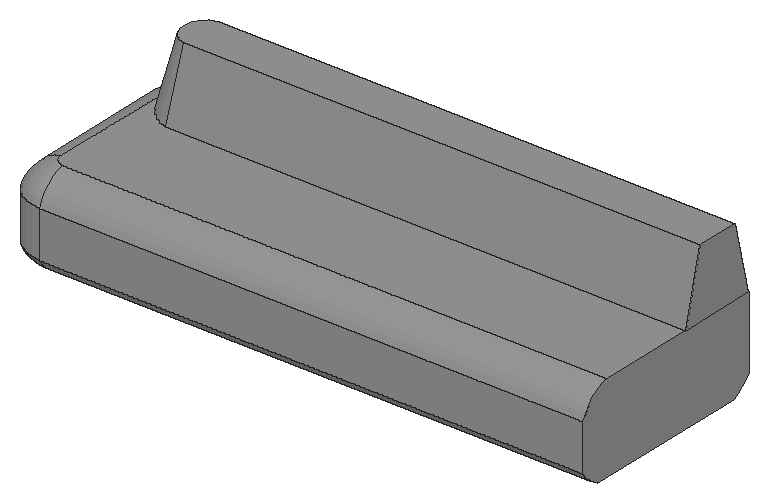
Revit family "_Casino_3-Seat_LHF", category Furniture, Revit 2013
Parameters (values of type "Casino 3 Seat LHF")
  Model = "Casino"
  Length = 8' - 4 1/2"
  Description = "Seating"
  Width = 1' - 0 1/4"
  URL = "http://bernhardtdesign.com/"
  Product Page URL = "http://www.bernhardtdesign.com/products/casino/index.html"
  Product Name = "Casino"
  Product Documentation Link = "http://www.bernhardtdesign.com/pdf/pricelists/sofas/Casino_PL.pdf"
  Manufacturer = "Bernhardt "  # constant formula
  Level Certification = ""
  Height = 2' - 4 1/4"
  GreenGuard Certification = ""
  Bernhardt Fabric = Fabric-Bernhardt-White
Reference planes (in)
  plane 1 "Center (Front/Back)": y = 0
  plane 2 "Bottom": z = 0
  plane 3 "Center (Left/Right)": x = 25.9341
  plane 4 "bottom": z = 1.16279
  plane 5 "base of back cushion": z = 16.29409
  plane 6: x = 126.4341
  plane 7 "top": z = 28.14339
  plane 8: y = 18.17146
  plane 9: y = -17.31987
  plane 10: y = 12.28146
  plane 11: y = -11.42987
Forms (in)
  Extrusion 1, solid, material "Fabric-Bernhardt-White"
    sketch origin (46.7152, 0, 0) x (-1, 0, 0) y (0, -1, 0)
      loop
        line (-79.7189, -18.17146) -> (10.80455, -18.17146)
        arc (10.80455, -18.17146) -> (17.87562, -15.24253) -> (20.80455, -8.17146) r 10
        line (20.80455, -8.17146) -> (20.80455, 10.31987)
        arc (20.80455, 10.31987) -> (18.7543, 15.26962) -> (13.80455, 17.31987) r 7
        line (13.80455, 17.31987) -> (-79.7189, 17.31987) -> (-79.7189, -18.17146)
    from 1.16279 to 16.29409
  Sweep 2, void
    path in 3D
      loop
        line (126.4341, 18.17146, 1.16279) -> (35.91065, 18.17146, 1.16279)
        arc (35.91065, 18.17146, 1.16279) -> (28.83958, 15.24253, 1.16279) -> (25.91065, 8.17146, 1.16279) r 10
        line (25.91065, 8.17146, 1.16279) -> (25.91065, -10.31987, 1.16279)
        arc (25.91065, -10.31987, 1.16279) -> (27.9609, -15.26962, 1.16279) -> (32.91065, -17.31987, 1.16279) r 7
        line (32.91065, -17.31987, 1.16279) -> (126.4341, -17.31987, 1.16279)
    profile origin (79.67237, -17.31987, 1.16279) x (0, -1, 0) y (0, 0, -1)
      loop
        line (0.04047, -2.82561) -> (2.00695, -2.82561) -> (2.00695, 1.67439) -> (-3.74305, 1.67439) -> (-3.74305, 0.17439)
        arc (-3.74305, 0.17439) -> (-1.53462, -0.92623) -> (0.04047, -2.82561) r 5.97274
  Sweep 3, void
    path in 3D
      loop
        line (126.4341, -17.31987, 16.29409) -> (32.91065, -17.31987, 16.29409)
        arc (32.91065, -17.31987, 16.29409) -> (27.9609, -15.26962, 16.29409) -> (25.91065, -10.31987, 16.29409) r 7
        line (25.91065, -10.31987, 16.29409) -> (25.91065, 20.68013, 16.29409)
    profile origin (79.67237, -17.31987, 16.29409) x (0, -1, 0) y (0, 0, 1)
      loop
        arc (-5.06987, 0) -> (-1.92508, -1.50203) -> (0, -4.40717) r 6.533
        line (0, -4.40717) -> (2.5, -4.40717) -> (2.5, 0.9602) -> (-5.06987, 0)
  Extrusion 4, solid, material "Plastic, Opaque Black"
    sketch origin (49.32487, 2.23669, 0) x (1, 0, 0) y (0, 1, 0)
      loop
        circle (-13.65846, -11.94587) r 1.75
    from 0 to 1.16279
  SweptBlend 5, solid, material "Fabric-Bernhardt-White"
    path in 3D
      loop
        line (46.7152, 11.41343, 28.14339) -> (46.7152, 11.41343, 16.29409)
    profile origin (46.7152, 11.41343, 28.14339) x (-1, 0, 0) y (0, -1, 0)
      loop
        line (-79.7189, 3.75803) -> (-79.7189, -3.75803) -> (8.93633, -3.75803)
        arc (8.93633, -3.75803) -> (12.00445, 0) -> (8.93633, 3.75803) r 3.8356
        line (8.93633, 3.75803) -> (-79.7189, 3.75803)
    end profile origin (46.7152, 11.41343, 16.29409) x (-1, 0, 0) y (0, -1, 0)
      loop
        line (-79.7189, 6.75803) -> (-79.7189, -6.74552) -> (9.67925, -6.74552)
        arc (9.67925, -6.74552) -> (15.00448, 0.00626) -> (9.67925, 6.75803) r 6.94285
        line (9.67925, 6.75803) -> (-79.7189, 6.75803)
  Extrusion 6, solid, material "Plastic, Opaque Black"
    sketch origin (49.32487, 22.47734, 0) x (1, 0, 0) y (0, 1, 0)
      loop
        circle (-13.65846, -11.94587) r 1.75
    from 0 to 1.16279
  Extrusion 7, solid, material "Plastic, Opaque Black"
    sketch origin (40.08276, 2.22983, 0) x (-1, 0, 0) y (0, -1, 0)
      loop
        circle (-77.06369, 11.94587) r 1.75
    from 0 to 1.16279
  Extrusion 8, solid, material "Plastic, Opaque Black"
    sketch origin (40.31061, 22.43251, 0) x (-1, 0, 0) y (0, -1, 0)
      loop
        circle (-77.06369, 11.94587) r 1.75
    from 0 to 1.16279
Cuts and joins
  Sweep 2, Sweep 3 cuts Extrusion 1
Lines and regions (in)
  sketch lines
    curve 1: line (32.91065, -17.31987, 1.16279) -> (126.4341, -17.31987, 1.16279)
    curve 2: arc (32.91065, -17.31987, 1.16279) -> (27.9609, -15.26962, 1.16279) -> (25.91065, -10.31987, 1.16279) r 7
    curve 3: line (25.91065, 8.17146, 1.16279) -> (25.91065, -10.31987, 1.16279)
    curve 4: arc (25.91065, 8.17146, 1.16279) -> (28.83958, 15.24253, 1.16279) -> (35.91065, 18.17146, 1.16279) r 10
    curve 5: line (126.4341, 18.17146, 1.16279) -> (35.91065, 18.17146, 1.16279)
    curve 6: line (126.4341, -17.31987, 16.29409) -> (32.91065, -17.31987, 16.29409)
    curve 7: arc (25.91065, -10.31987, 16.29409) -> (27.9609, -15.26962, 16.29409) -> (32.91065, -17.31987, 16.29409) r 7
    curve 8: line (25.91065, -10.31987, 16.29409) -> (25.91065, 20.68013, 16.29409)
    curve 13: line (46.7152, 11.41343, 28.14339) -> (46.7152, 11.41343, 16.29409)
  reference lines
    curve 9: arc (37.03594, 4.66792, 16.29409) -> (31.71071, 11.41969, 16.29409) -> (37.03594, 18.17146, 16.29409) r 6.94285
    curve 10: line (37.03594, 18.17146, 16.29409) -> (63.02887, 18.17146, 16.29409)
    curve 11: arc (37.77887, 15.17146, 28.14339) -> (34.71075, 11.41343, 28.14339) -> (37.77887, 7.65541, 28.14339) r 3.8356
    curve 12: line (46.7152, 11.41343, 28.14339) -> (46.7152, 11.41343, 16.29409)
  symbolic lines
    curve 14: line (126.4341, 18.17146, 28.14339) -> (34.99574, 18.17146, 28.14339)
    curve 15: arc (37.03594, 18.17146, 28.14339) -> (29.5179, 15.85801, 28.14339) -> (25.9341, 8.85591, 28.14339) r 10.109
    curve 16: line (25.9341, 8.85591, 28.14339) -> (25.9341, -10.47485, 28.14339)
    curve 17: arc (25.9341, -10.47485, 28.14339) -> (27.93896, -15.31501, 28.14339) -> (32.77912, -17.31987, 28.14339) r 6.84502
    curve 18: line (32.77912, -17.31987, 28.14339) -> (126.4341, -17.31987, 28.14339)
    curve 19: line (126.4341, -17.31987, 28.14339) -> (126.4341, 18.17146, 28.14339)
    curve 20: arc (37.03594, 18.17146, 28.14339) -> (31.71071, 11.41969, 28.14339) -> (37.03594, 4.66792, 28.14339) r 6.94285
    curve 21: line (37.03594, 4.66792, 28.14339) -> (126.4341, 4.66792, 28.14339)
Dimensions and locks (in)
  locked: Extrusion 8 sketch curve to plane 6 at 7.3098
  locked: Extrusion 7 sketch curve to plane 6 at 7.53764
  locked: plane 3 "Center (Left/Right)" to Extrusion 6 sketch curve at 7.98232
  plane 3 "Center (Left/Right)" to Extrusion 4 sketch curve = 0' - 7.98232"
  plane 3 "Center (Left/Right)" to plane 6 = 8' - 4 1/2"
  radius of Extrusion 4 sketch curve = 0' - 1 3/4"
  radius of Extrusion 6 sketch curve = 0' - 1 3/4"
  radius of Extrusion 7 sketch curve = 0' - 1 3/4"
  radius of Extrusion 8 sketch curve = 0' - 1 3/4"
  aligned and locked: plane 2 "Bottom" to level
  aligned and locked: plane 3 "Center (Left/Right)" to curve 16
  aligned and locked: SweptBlend 5 sketch curve to plane 6  (x2)
  aligned and locked: curve 19 to plane 6
  aligned and locked: Extrusion 1 to plane 6
